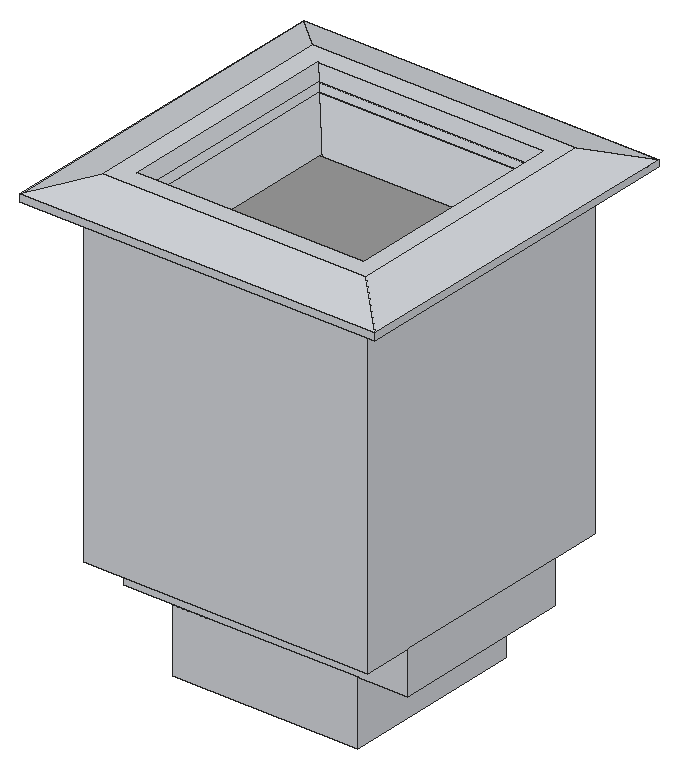
Revit family "2061329 Sylvania Lighting Fixture DOMINO 1xLED 940 BLACK MB TRIM WHITE DALI", category Lighting Fixtures, host Face, Revit 2018
Family settings
  Host = Face
  Round Connector Dimension = Use Diameter
  Part Type = Normal
  OmniClass Number = 23.80.70.00
  OmniClass Title = Lighting
  Cut with Voids When Loaded = No
  Light Source = Yes
  Shared = No
  Room Calculation Point = No
Parameters (values of type "2061329 DOMINO 1XLED 940 BLACK MB TR WHT DALI")
  top top width = 15.812 mm
  top top length = 26 mm
  Width = 50 mm
  Weight = "n/a"
  Wattage Comments = ""
  Wattage = 9.2903 W
  WarrantyStartDate [instance] = "n/a"
  WarrantyGuarantorParts = "n/a"
  WarrantyDurationUnit = "n/a"
  WarrantyDurationParts = ""
  WarrantyDescription = "http://www.sylvania-lighting.com"
  built-in parameter 1150110 = 1 (stored number, unit not read)
  Voltage = 0 V
  URL = "0.96"
  TypeName = "DOMINO 1xLED 940 BLACK MB TRIM WHITE DALI"
  Type Image = <None>
  Type Comments = "n/a"
  built-in parameter 1114217 = 1 (stored number, unit not read)
  Top Width = 26 mm
  Tilt Angle = 90.00°
  built-in parameter 1150109 = 1 (stored number, unit not read)
  built-in parameter 1150134 = 3
  built-in parameter 1150113 = 1 (stored number, unit not read)
  SerialNumber [instance] = "n/a"
  Recessed Width = 43 mm
  Recessed Length = 43 mm
  Photometric Web File = "2061329.ies"
  Material_3_FEILO = none
  PowerFactor = 0
  PowerConsumption = "Lighting"
  NominalLength = 50 mm
  NominalHeight = 0 mm
  NominalDepth = 0 mm
  Name = "DOMINO 1xLED 940 BLACK MB TRIM WHITE DALI"
  ModelReference = Name  # "DOMINO 1xLED 940 BLACK MB TRIM WHITE DALI"
  ModelNumber = "2061329"
  Model = Name  # "DOMINO 1xLED 940 BLACK MB TRIM WHITE DALI"
  Material = "Feilo Sylvania"
  ManufacturerName = "48 lm/W"
  Manufacturer = ""
  LuminousEfficacy = ""
  built-in parameter 1150105 = 109.82 (stored number, unit not read)
  Lumens = 1380 lm
  LuminaireType = "0"
  built-in parameter 1150115 = 1 (stored number, unit not read)
  LightOutputRatio = "LED"
  built-in parameter 1150137 = (empty or 0)
  built-in parameter 1150139 = (empty or 0)
  Lens inside recess = 25 mm
  Lens Width = 32 mm
  Lens Outside recess = 31.978 mm
  Lens = Glass, White, High Luminance
  Length = 50 mm
  LampsType = Lamp  # "n/a"
  LampNominalLuminous = "4000 K"
  LampMacAdamStep = "90"
  LampColourTemperature = "LED"
  LampColourRenderingIndex = "16500"
  built-in parameter 1150112 = 1 (stored number, unit not read)
  built-in parameter 1150114 = 1 (stored number, unit not read)
  Lamp = "n/a"
  Keynote = "n/a"
  InstallationDate [instance] = "n/a"
  InputVoltage = "0"
  InputNominalFrequency = "4000"
  built-in parameter 1150132 = (empty or 0)
  built-in parameter 1150102 = (empty or 0)
  built-in parameter 1150107 = 3200 (stored number, unit not read)
  built-in parameter 1150138 = (empty or 0)
  IngressProtection = "IfcLightFixtureType"
  ImpactProtectionIndex = "IfcLightFixtureType"
  built-in parameter 1150106 = 1.0982 (stored number, unit not read)
  IfcExportType = "IfcLightFixtureType"
  IfcExportAs = "Class II"
  Facia internal width = 37 mm
  Facia internal length = 37 mm
  Facia Height = 2 mm
  ExpectedLife = 50000
  Emit from Circle Diameter = 609.6 mm
  Emit Shape Visible in Rendering = no
  ElectricShockClassification = "48"
  built-in parameter 1150104 = 13.8 (stored number, unit not read)
  DurationUnit = "hours"
  DocumentationLiterature = "http://www.sylvania-lighting.com/product/en-int/products/2061329"
  DimmingControlOptions = "n/a"
  Material_2_FEILO = none
  Dimming Lamp Color Temperature Shift = <None>
  Description = "Modular LED recessed linear spotlight, ideal for retail and hospitality applications. Die-cast aluminium body, passive cooling. Two levels of reflector installation, low glaring UGR<16. 1x LED source, 30° beam angle , optics: PMMA lens and polycarbonate reflector combination, Black matt reflector finish. Light color temperature: 4000K neutral white, total system power: 4W , total fixture lumen output: 190lm, efficacy: 48 lm/W, Ra90 typical, LED chromacity: 3 step MacAdam ellipse (SDCM3), lifespan: 96,000 hours at 90% of the original output (L90B10), IR/UV free light source without heat radiation, operating voltage: 220-240V / 50-60Hz, electronic driver, ultra low flicker, DALI , electrical protection: Class II. Degree of Protection: IP40/IP20, suitable for indoor environment only. Ceiling cut-out: 43x43mm, outer dimensions:  50x50mm trim frame RAL 9016 - Traffic white / Bezel color.5 years Warranty."
  Default Elevation = 1219.2 mm
  CreatedOn = "09/02/2021"
  CreatedBy = "@sylvania-lighting.com"
  Cost = 0
  Color Filter = 16777215
  built-in parameter 1114216 [instance] = (empty or 0)
  ClassificationValue = "EF_70_80"
  ClassificationName = "Uniclass2015"
  Material_1_FEILO = none
  Body Width = 40 mm
  Body Length = 40 mm
  BarCode [instance] = "n/a"
  built-in parameter 1114218 = 1 (stored number, unit not read)
  built-in parameter 1150133 = 10 (stored number, unit not read)
  AssetType = "Fixed"
  AssetIdentifier [instance] = "n/a"
  Assembly Code = "D5020200"
  Apparent Load = 4 VA
  Material_4_FEILO = none
Reference planes
  plane 1 "Center (Front/Back)": y = 0
  plane 2: z = 0
  plane 3 "Center (Left/Right)": x = 0
  plane 4: z = 0
  plane 5: z = -7
  plane 6: z = -45.895
  plane 7: z = -51.895
  plane 8: z = -60.895
  plane 9: x = -21.5
  plane 10: x = 21.5
  plane 11: y = 21.5
  plane 12: y = -21.5
  plane 13: x = -25
  plane 14: x = 25
  plane 15: y = 25
  plane 16: y = -25
  plane 17: x = 18.5
  plane 18: x = -18.5
  plane 19: y = 18.5
  plane 20: y = -18.5
  plane 21: z = 2
  plane 22: x = -20
  plane 23: x = 20
  plane 24: y = 20
  plane 25: y = -20
  plane 26: y = 13
  plane 27: y = -13
  plane 28: y = 16
  plane 29: y = -16
  plane 30: x = 13
  plane 31: x = -13
  plane 32: x = -15.772
  plane 33: x = 16.206
  plane 34: y = 12.5
  plane 35: y = -12.5
  plane 36: x = -12.5
  plane 37: x = 12.5
Forms (mm)
  Extrusion 1, solid, not visible, detail levels medium+fine
    sketch origin (4.2, 0, 0) x (1, 0, 0) y (0, 1, 0)
      loop
        line (-29.2, 34.5) -> (-29.2, -34.5) -> (20.8, -34.5) -> (20.8, 34.5) -> (-29.2, 34.5)
    from 0 to 1
  Extrusion 2, solid, not visible, detail levels medium+fine
    sketch origin (4.044, 0, 0) x (1, 0, 0) y (0, 1, 0)
      loop
        line (-29.2, 34.5) -> (-29.2, -34.5) -> (20.8, -34.5) -> (20.8, 34.5) -> (-29.2, 34.5)
    from 0 to 1
  Blend 3, solid, not visible, detail levels medium+fine
    base sketch origin (4.2, 0, 0) x (1, 0, 0) y (0, 1, 0)
      loop
        line (-29.2, 34.5) -> (-29.2, -34.5) -> (20.8, -34.5) -> (20.8, 34.5) -> (-29.2, 34.5)
    top sketch origin (4.2, 0, 0) x (1, 0, 0) y (0, 1, 0)
      loop
        line (-21.7, 28) -> (-21.7, -28) -> (13.3, -28) -> (13.3, 28) -> (-21.7, 28)
    from 1 to 3
  Extrusion 4, solid, not visible, detail levels medium+fine
    sketch origin (3.419, 0, 0) x (1, 0, 0) y (0, 1, 0)
      loop
        line (-29.2, 34.5) -> (-29.2, -34.5) -> (20.8, -34.5) -> (20.8, 34.5) -> (-29.2, 34.5)
    from 0 to 1
  Blend 5, solid, not visible, detail levels medium+fine
    base sketch origin (3.575, 0, 0) x (1, 0, 0) y (0, 1, 0)
      loop
        line (-29.2, 34.5) -> (-29.2, -34.5) -> (20.8, -34.5) -> (20.8, 34.5) -> (-29.2, 34.5)
    top sketch origin (3.575, 0, 0) x (1, 0, 0) y (0, 1, 0)
      loop
        line (-21.7, 28) -> (-21.7, -28) -> (13.3, -28) -> (13.3, 28) -> (-21.7, 28)
    from 1 to 3
  Extrusion 6, solid, not visible, detail levels medium+fine
    sketch origin (4.247, 0, 0) x (1, 0, 0) y (0, 1, 0)
      loop
        line (-29.2, 34.5) -> (-29.2, -34.5) -> (20.8, -34.5) -> (20.8, 34.5) -> (-29.2, 34.5)
    from 0 to 1
  Blend 7, solid, not visible, detail levels medium+fine
    base sketch origin (4.403, 0, 0) x (1, 0, 0) y (0, 1, 0)
      loop
        line (-29.2, 34.5) -> (-29.2, -34.5) -> (20.8, -34.5) -> (20.8, 34.5) -> (-29.2, 34.5)
    top sketch origin (4.403, 0, 0) x (1, 0, 0) y (0, 1, 0)
      loop
        line (-21.7, 28) -> (-21.7, -28) -> (13.3, -28) -> (13.3, 28) -> (-21.7, 28)
    from 1 to 3
  Extrusion 8, void, detail levels medium+fine
    sketch origin (4.2, 0, 0) x (0, 1, 0) y (1, 0, 0)
      loop
        line (21.5, -25.7) -> (21.5, 17.3) -> (-21.5, 17.3) -> (-21.5, -25.7) -> (21.5, -25.7)
    from -9.934 to 83.097
  Extrusion 9, solid, detail levels medium+fine
    sketch origin (4.2, 0, 0) x (1, 0, 0) y (0, 1, 0)
      loop
        line (-29.2, 25) -> (-29.2, -25) -> (20.8, -25) -> (20.8, 25) -> (-29.2, 25)
    from 0 to 1
  Extrusion 10, solid, detail levels medium+fine
    sketch origin (4.2, 0, 0) x (1, 0, 0) y (0, 1, 0)
      loop
        line (-24.2, 20) -> (-24.2, -20) -> (15.8, -20) -> (15.8, 20) -> (-24.2, 20)
    from 0 to -45.895
  Extrusion 11, solid, detail levels medium+fine
    sketch origin (4.2, 0, 0) x (1, 0, 0) y (0, 1, 0)
      loop
        line (-24.2, 13) -> (-24.2, -13) -> (15.8, -13) -> (15.8, 13) -> (-24.2, 13)
    from -51.895 to -45.895
  Extrusion 12, solid, material "Glass, White, High Luminance" <- "Lens", detail levels fine
    sketch origin (13.547, 1218.849, 36.156) x (1, 0, 0) y (0, 1, 0)
      loop
        line (-26.047, -1206.7) -> (-26.047, -1231.7) -> (-1.047, -1231.7) -> (-1.047, -1206.7) -> (-26.047, -1206.7)
    from -43.156 to -42.182
  Blend 13, solid, detail levels medium+fine
    base sketch origin (4.2, 0, 0) x (1, 0, 0) y (0, 1, 0)
      loop
        line (-29.2, 25) -> (-29.2, -25) -> (20.8, -25) -> (20.8, 25) -> (-29.2, 25)
    top sketch origin (4.2, 0, 0) x (1, 0, 0) y (0, 1, 0)
      loop
        line (-22.7, 18.5) -> (-22.7, -18.5) -> (14.3, -18.5) -> (14.3, 18.5) -> (-22.7, 18.5)
    from 1 to 3
  Extrusion 14, solid, detail levels fine
    sketch origin (0, 0, 0) x (1, 0, 0) y (0, 0, 1)
      loop
        line (-13, -51.895) -> (-13, -60.895) -> (13, -60.895) -> (13, -51.895) -> (-13, -51.895)
    from -13 to 13
  Blend 15, void, detail levels medium+fine
    base sketch origin (4.2, 0, 0) x (0, 1, 0) y (-1, 0, 0)
      loop
        line (16, 19.972) -> (-16, 19.972) -> (-16, -12.006) -> (16, -12.006) -> (16, 19.972)
    top sketch origin (4.2, 0, 0) x (0, 1, 0) y (-1, 0, 0)
      loop
        line (12.5, 16.7) -> (-12.5, 16.7) -> (-12.5, -8.3) -> (12.5, -8.3) -> (12.5, 16.7)
    from 3 to -7
  Extrusion 16, solid, detail levels coarse
    sketch origin (4.2, 0, 0) x (1, 0, 0) y (0, 1, 0)
      loop
        line (-29.2, 25) -> (-29.2, -25) -> (20.8, -25) -> (20.8, 25) -> (-29.2, 25)
    from 3 to -60.895
Cuts and joins
  Blend 15 cuts Extrusion 9
  Blend 15 cuts Extrusion 10
  Blend 15 cuts Blend 13
Dimensions and locks
  "Recessed Length": plane 9 to plane 10
  equal spacing: plane 9, plane 3 "Center (Left/Right)", plane 10
  "Length": plane 13 to plane 14
  equal spacing: plane 13, plane 3 "Center (Left/Right)", plane 14
  "Recessed Width": plane 11 to plane 12
  equal spacing: plane 11, plane 1 "Center (Front/Back)", plane 12
  "Width": plane 15 to plane 16
  equal spacing: plane 15, plane 1 "Center (Front/Back)", plane 16
  "Facia internal length": plane 18 to plane 17
  equal spacing: plane 18, plane 3 "Center (Left/Right)", plane 17
  "Facia internal width": plane 19 to plane 20
  equal spacing: plane 19, plane 1 "Center (Front/Back)", plane 20
  "Facia Height": plane 21 to host face
  "Body Length": plane 22 to plane 23
  equal spacing: plane 22, plane 3 "Center (Left/Right)", plane 23
  "Body Width": plane 24 to plane 25
  equal spacing: plane 24, plane 1 "Center (Front/Back)", plane 25
  "Top Width": plane 26 to plane 27
  equal spacing: plane 26, plane 1 "Center (Front/Back)", plane 27
  "Lens Width": plane 28 to plane 29
  equal spacing: plane 28, plane 1 "Center (Front/Back)", plane 29
  "top top length": plane 31 to plane 30
  equal spacing: plane 31, plane 3 "Center (Left/Right)", plane 30  (x2)
  plane 30 to plane 31 = 26 mm
  equal spacing: plane 30, plane 3 "Center (Left/Right)", plane 31
  "Lens Outside recess": plane 32 to plane 33
  "Lens inside recess": plane 34 to plane 35
  equal spacing: plane 34, plane 1 "Center (Front/Back)", plane 35
  aligned and locked: plane 2 to host face
  aligned and locked: level to host face
  aligned and locked: Extrusion 11 to plane 7
  aligned and locked: Extrusion 10 to plane 6
  aligned and locked: cut or joined group of Blend 13, Blend 15 to Blend 15
Automatic sketch dimensions
  host sketch curve to host sketch curve = 2438.4 mm  (x2)
  Extrusion 1 sketch curve to Extrusion 1 sketch curve = 50 mm
  Extrusion 1 sketch curve to Extrusion 1 sketch curve = 69 mm
  Extrusion 2 sketch curve to Extrusion 2 sketch curve = 50 mm
  Extrusion 2 sketch curve to Extrusion 2 sketch curve = 69 mm
  Blend 3 sketch curve to Blend 3 sketch curve = 50 mm
  Blend 3 sketch curve to Blend 3 sketch curve = 69 mm
  Blend 3 sketch curve to Blend 3 sketch curve = 35 mm
  Blend 3 sketch curve to Blend 3 sketch curve = 56 mm
  Extrusion 4 sketch curve to Extrusion 4 sketch curve = 50 mm
  Extrusion 4 sketch curve to Extrusion 4 sketch curve = 69 mm
  Blend 5 sketch curve to Blend 5 sketch curve = 50 mm
  Blend 5 sketch curve to Blend 5 sketch curve = 69 mm
  Blend 5 sketch curve to Blend 5 sketch curve = 35 mm
  Blend 5 sketch curve to Blend 5 sketch curve = 56 mm
  Extrusion 6 sketch curve to Extrusion 6 sketch curve = 50 mm
  Extrusion 6 sketch curve to Extrusion 6 sketch curve = 69 mm
  Blend 7 sketch curve to Blend 7 sketch curve = 50 mm
  Blend 7 sketch curve to Blend 7 sketch curve = 69 mm
  Blend 7 sketch curve to Blend 7 sketch curve = 35 mm
  Blend 7 sketch curve to Blend 7 sketch curve = 56 mm
  plane 9 to Extrusion 8 sketch curve = 0 mm
  Extrusion 8 sketch curve to plane 12 = 0 mm
  Extrusion 8 sketch curve to plane 11 = 0 mm
  Extrusion 8 sketch curve to plane 10 = 0 mm
  plane 13 to Extrusion 9 sketch curve = 0 mm
  plane 14 to Extrusion 9 sketch curve = 0 mm
  Extrusion 9 sketch curve to plane 16 = 0 mm
  Extrusion 9 sketch curve to plane 15 = 0 mm
  Extrusion 10 sketch curve to plane 22 = 0 mm
  Extrusion 10 sketch curve to plane 23 = 0 mm
  Extrusion 10 sketch curve to plane 25 = 0 mm
  Extrusion 10 sketch curve to plane 24 = 0 mm
  Extrusion 11 sketch curve to plane 22 = 0 mm
  Extrusion 11 sketch curve to plane 23 = 0 mm
  Extrusion 11 sketch curve to plane 27 = 0 mm
  Extrusion 11 sketch curve to plane 26 = 0 mm
  Extrusion 12 sketch curve to plane 11 = 9.351 mm
  plane 1 "Center (Front/Back)" to Extrusion 12 sketch curve = 12.851 mm
  plane 18 to Extrusion 12 sketch curve = 6 mm
  Blend 13 sketch curve to plane 13 = 0 mm
  Blend 13 sketch curve to plane 14 = 0 mm
  Blend 13 sketch curve to plane 16 = 0 mm
  Blend 13 sketch curve to plane 15 = 0 mm
  Blend 13 sketch curve to plane 18 = 0 mm
  Blend 13 sketch curve to plane 17 = 0 mm
  Blend 13 sketch curve to plane 20 = 0 mm
  Blend 13 sketch curve to plane 19 = 0 mm
  Extrusion 12 sketch curve to Extrusion 12 sketch curve = 25 mm
  Extrusion 14 sketch curve to plane 8 = 0 mm
  Extrusion 14 sketch curve to plane 31 = 0 mm
  Extrusion 14 sketch curve to plane 30 = 0 mm
  Extrusion 14 sketch curve to plane 7 = 0 mm
  Blend 15 sketch curve to plane 29 = 0 mm
  Blend 15 sketch curve to plane 28 = 0 mm
  Blend 15 sketch curve to plane 33 = 0 mm
  Blend 15 sketch curve to plane 32 = 0 mm
  Blend 15 sketch curve to plane 35 = 0 mm
  Blend 15 sketch curve to plane 34 = 0 mm
  Blend 15 sketch curve to plane 37 = 0 mm
  Blend 15 sketch curve to plane 36 = 0 mm
  Extrusion 16 sketch curve to plane 13 = 0 mm
  Extrusion 16 sketch curve to plane 14 = 0 mm
  Extrusion 16 sketch curve to plane 16 = 0 mm
  Extrusion 16 sketch curve to plane 15 = 0 mm
Connectors
  electrical at (0, 0, -60.895)
    settings: on Extrusion 14, index 1, voltage 0 V, apparent load 0 VA, apparent load phase1 0 VA, apparent load phase2 0 VA, apparent load phase3 0 VA, power factor 1, load classification "Other", number of poles 1, system type 31, power factor state 1, is connector primary yes, connector utility no, sub classification motor no, connector description ""
